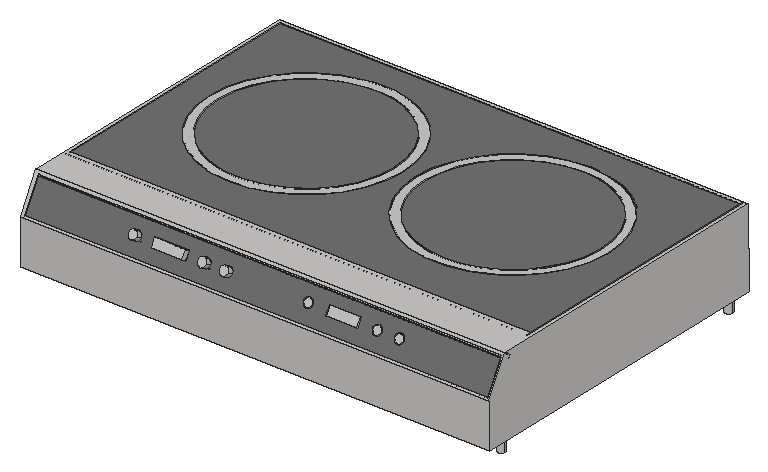
Revit family "QF_Vollrath 69523", category Specialty Equipment, Revit 2016
Family settings
  Part Type = Normal
  Round Connector Dimension = Use Diameter
  OmniClass Number = 23.40.40.14.17.14
  OmniClass Title = Hot Plates
  Work Plane-Based = No
  Always vertical = Yes
  Cut with Voids When Loaded = No
  Shared = No
  Room Calculation Point = No
Parameters (values of type "208V")
  Weight in Pounds = 44
  Watts = 5000 W
  Watermarked By = "http://revitwatermark.com"
  Volts = 208 V
  URL Cutsheet = ""
  URL = "www.vollrathco.com"
  Status [instance] = ""
  Specification by User [instance] = ""
  Specification by Manufacturer = ""
  Serial Number [instance] = ""
  Seismic Rating [instance] = ""
  Revision Code [instance] = ""
  Phase = 1
  Number of Poles [instance] = 1
  NAFEM Spec ID Number [instance] = ""
  Model = "69523"
  Masterspec = ""
  Manufacturer = "Vollrath"
  Item Number [instance] = ""
  Installed By [instance] = ""
  Height AFF [instance] = 36.00"
  Furnished By [instance] = ""
  Foodservice Equipment Identifier [instance] = yes
  FL Amps = 24.1 A
  Electrical Remarks [instance] = ""
  Electric Connection Type [instance] = ""
  Elec Conn RI Height [instance] = 0.00"
  Elec Conn Connection Height [instance] = Height AFF + 2.00"  # 38.00"
  Description = "Induction Range, Countertop"
  Cycle = 60 Hz
  Conn Plug = "NEMA 6-30P"
  CSI MasterFormat = "11 42 13"
  Assembly Code = "E1090320"
  Apparent Power = if(Phase = 3, Volts * FL Amps * 1.73, Volts * FL Amps)  # 5012.8 VA
Types (2): name | Weight in Pounds | Watts | Volts | Apparent Power
  208V | 44 | 5000 W | 208 V | 5012.8 VA
  240V | 42.8 | 5800 W | 240 V | 5784 VA
Reference planes (in)
  plane 1: z = 0
  plane 2 "LEFT": x = 48
  plane 3 "BACK": y = -48.065
  plane 4 "BOTTOM": z = 36
  plane 5 "FRONT": y = -66.44
  plane 6 "TOP": z = 41.5
  plane 7: z = 37
  plane 8: y = -44.065
  plane 9: y = -55.7525
  plane 10: x = 55.40773
  plane 11: z = 37.375
  plane 12: z = 13.68
  plane 13: x = 63.65035
  plane 14: x = 56.69695
  plane 15: z = 40.78691
  plane 16: x = 74.62
  plane 17: x = 74.37
  plane 18: y = -63.44
  plane 19: x = 73.87
Forms (in)
  Extrusion 1, solid, material "QF_Finishes_Stainless Steel"
    sketch origin (6.9534, -63.28353, 8.06191) x (1, 0, 0) y (0, 0.5, 0.866025)
      loop
        line (41.0466, 27.93) -> (41.0466, 25.68) -> (67.6666, 25.68) -> (67.6666, 27.93) -> (41.0466, 27.93)
      loop
        line (41.23693, 27.77623) -> (41.23693, 25.78901) -> (67.52615, 25.78901) -> (67.52615, 27.77623) -> (41.23693, 27.77623)
    from 18.14569 to 18.5
  Extrusion 2, solid, material "QF_Finishes_Stainless Steel"
    sketch origin (9.9534, -63.28353, 8.06191) x (1, 0, 0) y (0, 0.5, 0.866025)
      loop
        line (55.07331, 27.05441) -> (55.07331, 26.55441) -> (56.82331, 26.55441) -> (56.82331, 27.05441) -> (55.07331, 27.05441)
      loop
        circle (53.94695, 26.80981) r 0.25
      loop
        circle (57.87771, 26.79276) r 0.25
      loop
        circle (59.12771, 26.79276) r 0.25
    from 18.14569 to 18.5
  Extrusion 3, solid, material "QF_Finishes_Stainless Steel"
    sketch origin (6.9534, -63.28353, 8.06191) x (1, 0, 0) y (0, 0.5, 0.866025)
      loop
        circle (56.94695, 26.80981) r 0.25
      loop
        circle (60.87771, 26.79276) r 0.25
      loop
        line (58.07331, 27.05441) -> (58.07331, 26.55441) -> (59.82331, 26.55441) -> (59.82331, 27.05441) -> (58.07331, 27.05441)
      loop
        circle (62.12771, 26.79276) r 0.25
    from 18.14569 to 18.5
  Extrusion 4, solid, material "QF_Finishes_Dark Grey"
    sketch origin (6.9534, -63.78119, 8.27747) x (1, 0, 0) y (0, 0.5, 0.866025)
      loop
        line (41.23693, 25.85116) -> (67.52615, 25.85116) -> (67.52615, 27.73116) -> (41.23693, 27.73116) -> (41.23693, 25.85116)
      loop
        circle (62.11833, 26.8549) r 0.25
      loop
        circle (60.86833, 26.8549) r 0.25
      loop
        line (59.81393, 26.61655) -> (59.81393, 27.11655) -> (58.06393, 27.11655) -> (58.06393, 26.61655) -> (59.81393, 26.61655)
      loop
        circle (56.93757, 26.87196) r 0.25
    from 17.96123 to 17.60693
  Blend 5, solid, material "QF_Finishes_Stainless Steel"
    base sketch origin (0, 0, 0) x (1, 0, 0) y (0, 1, 0)
      loop
        circle (48.59304, -48.57669) r 0.20891
    top sketch origin (0, 0, 0) x (1, 0, 0) y (0, 1, 0)
      loop
        circle (48.59304, -48.57669) r 0.25
    from 36 to 37
  Blend 6, solid, material "QF_Finishes_Stainless Steel"
    base sketch origin (0, -16.25, 0) x (1, 0, 0) y (0, 1, 0)
      loop
        circle (48.59304, -48.45169) r 0.20891
    top sketch origin (0, -16.25, 0) x (1, 0, 0) y (0, 1, 0)
      loop
        circle (48.59304, -48.45169) r 0.25
    from 36 to 37
  Extrusion 7, solid, material "QF_Finishes_Stainless Steel"
    sketch origin (0, 0, 0) x (1, 0, 0) y (0, 1, 0)
      loop
        line (48, -48.065) -> (48, -63.44) -> (74.62, -63.44) -> (74.62, -48.065) -> (48, -48.065)
      loop
        line (48.19033, -48.2633) -> (48.19033, -63.2211) -> (74.37, -63.2211) -> (74.37, -48.2633) -> (48.19033, -48.2633)
    from 37.375 to 41.5
  Extrusion 8, solid, material "QF_Finishes_Dark Grey"
    sketch origin (0, 0, 0) x (1, 0, 0) y (0, 1, 0)
      loop
        line (48.19033, -48.1983) -> (48.19033, -63.44) -> (74.37, -63.44) -> (74.37, -48.1983) -> (48.19033, -48.1983)
      loop
        circle (55.34523, -55.35442) r 5.5
      loop
        circle (55.34523, -55.35442) r 5
      loop
        circle (67.09523, -55.35442) r 5.5
      loop
        circle (67.09523, -55.35442) r 5
    from 41.5 to 37.375
  Extrusion 9, solid, material "QF_Finishes_Stainless Steel"
    sketch origin (48, 0, -0.15599) x (0, 1, 0) y (0, 0, 1)
      loop
        line (-66.44, 37.15599) -> (-48.065, 37.15599) -> (-48.065, 37.53099) -> (-66.44, 37.53099) -> (-66.44, 37.15599)
    from 0 to 26.62
  Extrusion 10, solid, material "QF_Finishes_Stainless Steel"
    sketch origin (48, 0, 0) x (0, 1, 0) y (0, 0, 1)
      loop
        line (-65.315, 41.5) -> (-65.00816, 41.32285) -> (-66.13316, 39.37429) -> (-66.44, 39.55144) -> (-66.44, 37.375) -> (-63.44, 37.375) -> (-63.44, 41.5) -> (-65.315, 41.5)
    from 0 to 26.62
  Extrusion 11, solid, material "QF_Finishes_Stainless Steel", not visible
    sketch origin (0, -63.31853, -5.50809) x (1, 0, 0) y (0, 0.5, 0.866025)
      loop
        line (41.0466, 27.93) -> (41.0466, 25.68) -> (67.6666, 25.68) -> (67.6666, 27.93) -> (41.0466, 27.93)
      loop
        line (41.23693, 27.77623) -> (41.23693, 25.78901) -> (67.52615, 25.78901) -> (67.52615, 27.77623) -> (41.23693, 27.77623)
    from 18.14569 to 18.5
  Extrusion 12, solid, material "QF_Finishes_Stainless Steel", not visible
    sketch origin (3, -63.31853, -5.50809) x (1, 0, 0) y (0, 0.5, 0.866025)
      loop
        line (55.07331, 27.05441) -> (55.07331, 26.55441) -> (56.82331, 26.55441) -> (56.82331, 27.05441) -> (55.07331, 27.05441)
      loop
        circle (53.94695, 26.80981) r 0.25
      loop
        circle (57.87771, 26.79276) r 0.25
      loop
        circle (59.12771, 26.79276) r 0.25
    from 18.14569 to 18.5
  Extrusion 13, solid, material "QF_Finishes_Stainless Steel", not visible
    sketch origin (0, -63.31853, -5.50809) x (1, 0, 0) y (0, 0.5, 0.866025)
      loop
        circle (56.94695, 26.80981) r 0.25
      loop
        circle (60.87771, 26.79276) r 0.25
      loop
        line (58.07331, 27.05441) -> (58.07331, 26.55441) -> (59.82331, 26.55441) -> (59.82331, 27.05441) -> (58.07331, 27.05441)
      loop
        circle (62.12771, 26.79276) r 0.25
    from 18.14569 to 18.5
  Extrusion 14, solid, material "QF_Finishes_Dark Grey", not visible
    sketch origin (0, -63.81619, -5.29253) x (1, 0, 0) y (0, 0.5, 0.866025)
      loop
        line (41.23693, 25.85116) -> (67.52615, 25.85116) -> (67.52615, 27.73116) -> (41.23693, 27.73116) -> (41.23693, 25.85116)
      loop
        circle (62.11833, 26.8549) r 0.25
      loop
        circle (60.86833, 26.8549) r 0.25
      loop
        line (59.81393, 26.61655) -> (59.81393, 27.11655) -> (58.06393, 27.11655) -> (58.06393, 26.61655) -> (59.81393, 26.61655)
      loop
        circle (56.93757, 26.87196) r 0.25
    from 17.96123 to 17.60693
  Extrusion 15, solid, material "QF_Finishes_Stainless Steel"
    sketch origin (0, 0, 0) x (1, 0, 0) y (0, 1, 0)
      loop
        circle (55.34523, -55.35442) r 5.5
      loop
        circle (55.34523, -55.35442) r 5
      loop
        arc (72.55664, -55.39154) -> (67.05658, -49.89148) -> (61.55652, -55.39154) r 5.50006
        arc (61.55652, -55.39154) -> (67.05658, -60.83105) -> (72.55664, -55.39154) r 5.5004
      loop
        circle (67.09523, -55.35442) r 5
    from 40.78691 to 41.5
  Blend 16, solid, material "QF_Finishes_Stainless Steel"
    base sketch origin (14.75, 0, 0) x (1, 0, 0) y (0, 1, 0)
      loop
        circle (59.16304, -48.57669) r 0.20891
    top sketch origin (14.75, 0, 0) x (1, 0, 0) y (0, 1, 0)
      loop
        circle (59.16304, -48.57669) r 0.25
    from 36 to 37
  Blend 17, solid, material "QF_Finishes_Stainless Steel"
    base sketch origin (14.75, -16.25, 0) x (1, 0, 0) y (0, 1, 0)
      loop
        circle (59.16304, -48.45169) r 0.20891
    top sketch origin (14.75, -16.25, 0) x (1, 0, 0) y (0, 1, 0)
      loop
        circle (59.16304, -48.45169) r 0.25
    from 36 to 37
  Extrusion 18, solid, material "QF_Finishes_Stainless Steel"
    sketch origin (0.2034, -63.28353, 8.06191) x (1, 0, 0) y (0, 0.5, 0.866025)
      loop
        line (55.07331, 27.05441) -> (55.07331, 26.55441) -> (56.82331, 26.55441) -> (56.82331, 27.05441) -> (55.07331, 27.05441)
      loop
        circle (53.94695, 26.80981) r 0.25
      loop
        circle (57.87771, 26.79276) r 0.25
      loop
        circle (59.12771, 26.79276) r 0.25
    from 18.14569 to 18.5
  Extrusion 19, solid, material "QF_Finishes_Stainless Steel"
    sketch origin (-2.7966, -63.28353, 8.06191) x (1, 0, 0) y (0, 0.5, 0.866025)
      loop
        circle (56.94695, 26.80981) r 0.25
      loop
        circle (60.87771, 26.79276) r 0.25
      loop
        line (58.07331, 27.05441) -> (58.07331, 26.55441) -> (59.82331, 26.55441) -> (59.82331, 27.05441) -> (58.07331, 27.05441)
      loop
        circle (62.12771, 26.79276) r 0.25
    from 18.14569 to 18.76285
  Extrusion 20, solid, material "QF_Finishes_Stainless Steel", not visible
    sketch origin (-6.75, -63.31853, -5.50809) x (1, 0, 0) y (0, 0.5, 0.866025)
      loop
        line (55.07331, 27.05441) -> (55.07331, 26.55441) -> (56.82331, 26.55441) -> (56.82331, 27.05441) -> (55.07331, 27.05441)
      loop
        circle (53.94695, 26.80981) r 0.25
      loop
        circle (57.87771, 26.79276) r 0.25
      loop
        circle (59.12771, 26.79276) r 0.25
    from 18.14569 to 18.5
  Extrusion 21, solid, material "QF_Finishes_Stainless Steel", not visible
    sketch origin (-9.75, -63.31853, -5.50809) x (1, 0, 0) y (0, 0.5, 0.866025)
      loop
        circle (56.94695, 26.80981) r 0.25
      loop
        circle (60.87771, 26.79276) r 0.25
      loop
        line (58.07331, 27.05441) -> (58.07331, 26.55441) -> (59.82331, 26.55441) -> (59.82331, 27.05441) -> (58.07331, 27.05441)
      loop
        circle (62.12771, 26.79276) r 0.25
    from 18.14569 to 18.76285
  Extrusion 22, solid, material "QF_Finishes_Stainless Steel"
    sketch origin (-25, -48.065, 0) x (1, 0, 0) y (0, 0, 1)
      loop
        circle (73.87, 37.375) r 0.25
    from 0 to -0.2833
  Extrusion 23, solid, material "QF_Finishes_Clearances", detail levels coarse
    sketch origin (0, 0, 0) x (1, 0, 0) y (0, 1, 0)
      loop
        line (74.62, -48.065) -> (74.62, -44.065) -> (48, -44.065) -> (48, -48.065) -> (74.62, -48.065)
    from 36 to 41.5
Cuts and joins
  joined: Extrusion 1, Extrusion 7, Extrusion 9, Extrusion 10
Lines and regions (in)
  symbolic lines
    curve 1: line (74.62, -48.065, 0) -> (48, -48.065, 0)
    curve 2: line (48, -48.065, 0) -> (48, -66.44, 0)
    curve 3: line (74.62, -66.44, 0) -> (74.62, -48.065, 0)
    curve 4: line (74.62, -65.13865, 0) -> (48, -65.13865, 0)
    curve 5: arc (60.84523, -55.35442, 0) -> (55.34523, -49.85442, 0) -> (49.84523, -55.35442, 0) r 5.5
    curve 6: arc (50.34523, -55.35442, 0) -> (55.34523, -50.35442, 0) -> (60.34523, -55.35442, 0) r 5
    curve 7: arc (49.84523, -55.35442, 0) -> (55.34523, -60.85442, 0) -> (60.84523, -55.35442, 0) r 5.5
    curve 8: arc (60.34523, -55.35442, 0) -> (55.34523, -60.35442, 0) -> (50.34523, -55.35442, 0) r 5
    curve 9: line (48, -66.44, 0) -> (74.62, -66.44, 0)
    curve 10: arc (72.09523, -55.44506, 0) -> (67.09523, -50.44506, 0) -> (62.09523, -55.44506, 0) r 5
    curve 11: arc (72.51793, -55.36777, 0) -> (67.01793, -49.86777, 0) -> (61.51793, -55.36777, 0) r 5.5
    curve 12: arc (72.09523, -55.44506, 0) -> (67.09523, -60.44506, 0) -> (62.09523, -55.44506, 0) r 5
    curve 13: arc (61.51793, -55.36777, 0) -> (67.01793, -60.86777, 0) -> (72.51793, -55.36777, 0) r 5.5
    curve 14: line (74.37, -63.44, 0) -> (48.19033, -63.44, 0)
Dimensions and locks (in)
  "Height AFF": plane 4 "BOTTOM" to level
  plane 5 "FRONT" to plane 3 "BACK" = 18.375"
  locked: plane 3 "BACK" to plane 8 at 4
  locked: plane 7 to plane 4 "BOTTOM" at 1
  Blend 5 sketch curve to plane 3 "BACK" = 0.51168"
  locked: Blend 5 sketch curve to plane 3 "BACK" at 0.51168
  plane 2 "LEFT" to plane 10 = 7.40773"
  equal spacing: Extrusion 7, plane 9, plane 3 "BACK"
  plane 6 "TOP" to plane 7 = 4.50"
  locked: plane 11 to plane 7 at 0.375
  plane 3 "BACK" to Extrusion 7 = 15.375"
  locked: plane 6 "TOP" to Extrusion 4 at 0.98488
  locked: plane 6 "TOP" to plane 15 at 0.71309
  plane 2 "LEFT" to plane 16 = 26.62"
  plane 18 to plane 3 "BACK" = 15.375"
  aligned and locked: level to plane 1
  aligned and locked: Extrusion 3 sketch curve to Extrusion 2  (x2)
  aligned and locked: Extrusion 3 to Extrusion 4 sketch curve
  aligned and locked: Extrusion 4 sketch curve to Extrusion 3
  aligned and locked: plane 7 to Blend 6
  aligned and locked: Blend 6 to plane 4 "BOTTOM"
  aligned and locked: plane 7 to Blend 5
  aligned and locked: Blend 5 to plane 4 "BOTTOM"
  aligned and locked: plane 6 "TOP" to Extrusion 7
  aligned and locked: Extrusion 13 sketch curve to Extrusion 12  (x2)
  aligned and locked: Extrusion 13 to Extrusion 14 sketch curve
  aligned and locked: Extrusion 14 sketch curve to Extrusion 13
  aligned and locked: plane 7 to cut or joined group of Extrusion 1, Extrusion 7, Extrusion 9, Extrusion 10
  aligned and locked: cut or joined group of Extrusion 1, Extrusion 7, Extrusion 9, Extrusion 10 to plane 11
  aligned and locked: Extrusion 1 to Extrusion 7
  aligned and locked: Extrusion 10 to Extrusion 1
  aligned and locked: Extrusion 9 to Extrusion 1
  aligned and locked: Extrusion 9 to Extrusion 7  (x2)
  aligned and locked: Extrusion 15 sketch curve to Extrusion 8  (x4)
  aligned and locked: curve 5 to Extrusion 15
  aligned and locked: curve 6 to Extrusion 15
  aligned and locked: curve 7 to Extrusion 15
  aligned and locked: curve 8 to Extrusion 15
  aligned and locked: cut or joined group of Extrusion 1, Extrusion 7, Extrusion 9, Extrusion 10 to Extrusion 8
  aligned and locked: plane 6 "TOP" to Extrusion 15
  aligned and locked: Extrusion 15 to plane 15
  aligned and locked: Extrusion 8 to cut or joined group of Extrusion 1, Extrusion 7, Extrusion 9, Extrusion 10  (x2)
  aligned and locked: Extrusion 4 to cut or joined group of Extrusion 1, Extrusion 7, Extrusion 9, Extrusion 10
  aligned and locked: Extrusion 7 to plane 16
  aligned and locked: Extrusion 7 to Extrusion 8
  aligned and locked: plane 7 to Blend 17
  aligned and locked: Blend 17 to plane 4 "BOTTOM"
  aligned and locked: plane 7 to Blend 16
  aligned and locked: Blend 16 to plane 4 "BOTTOM"
  aligned and locked: Extrusion 19 sketch curve to Extrusion 18  (x2)
  aligned and locked: Extrusion 21 sketch curve to Extrusion 20  (x2)
  aligned and locked: Extrusion 23 sketch curve to cut or joined group of Extrusion 1, Extrusion 7, Extrusion 9, Extrusion 10  (x2)
  aligned and locked: plane 2 "LEFT" to Extrusion 23 sketch curve
  aligned and locked: plane 6 "TOP" to Extrusion 23
  aligned: plane 12 to Extrusion 23
  aligned and locked: Extrusion 23 to plane 4 "BOTTOM"
Automatic sketch dimensions
  Extrusion 2 sketch curve to Extrusion 2 sketch curve = 1.12636"
  Extrusion 2 sketch curve to Extrusion 2 sketch curve = 1.75"
  Extrusion 2 sketch curve to Extrusion 2 sketch curve = 1.0544"
  Extrusion 2 sketch curve to Extrusion 2 sketch curve = 1.25"
  Extrusion 2 sketch curve to Extrusion 2 sketch curve = 0.23835"
  Extrusion 2 sketch curve to Extrusion 2 sketch curve = 0.00"
  Extrusion 2 sketch curve to Extrusion 2 sketch curve = 0.25541"
  Extrusion 2 sketch curve to Extrusion 2 sketch curve = 0.50"
  Extrusion 4 sketch curve to Extrusion 4 sketch curve = 15.45064"
  Extrusion 4 sketch curve to Extrusion 4 sketch curve = 5.15782"
  Extrusion 12 sketch curve to Extrusion 12 sketch curve = 1.12636"
  Extrusion 12 sketch curve to Extrusion 12 sketch curve = 1.75"
  Extrusion 12 sketch curve to Extrusion 12 sketch curve = 1.0544"
  Extrusion 12 sketch curve to Extrusion 12 sketch curve = 1.25"
  Extrusion 12 sketch curve to Extrusion 12 sketch curve = 0.23835"
  Extrusion 12 sketch curve to Extrusion 12 sketch curve = 0.00"
  Extrusion 12 sketch curve to Extrusion 12 sketch curve = 0.25541"
  Extrusion 12 sketch curve to Extrusion 12 sketch curve = 0.50"
  Extrusion 14 sketch curve to Extrusion 14 sketch curve = 15.45064"
  Extrusion 14 sketch curve to Extrusion 14 sketch curve = 5.15782"
  Extrusion 4 sketch curve to Extrusion 4 sketch curve = 0.8044"
  Extrusion 4 sketch curve to Extrusion 4 sketch curve = 0.87636"
  Extrusion 4 sketch curve to Extrusion 4 sketch curve = 0.25"  (x3)
  Extrusion 4 sketch curve to Extrusion 4 sketch curve = 0.75"
  Extrusion 4 sketch curve to Extrusion 4 sketch curve = 0.23835"
  Extrusion 4 sketch curve to Extrusion 4 sketch curve = 0.00"  (x4)
  Extrusion 4 sketch curve to Extrusion 4 sketch curve = 0.24459"
  Extrusion 3 sketch curve to Extrusion 3 sketch curve = 0.8044"
  Extrusion 3 sketch curve to Extrusion 3 sketch curve = 0.87636"
  Extrusion 3 sketch curve to Extrusion 3 sketch curve = 0.25"  (x3)
  Extrusion 3 sketch curve to Extrusion 3 sketch curve = 0.75"
  Extrusion 3 sketch curve to Extrusion 3 sketch curve = 0.23835"
  Extrusion 3 sketch curve to Extrusion 3 sketch curve = 0.00"  (x4)
  Extrusion 3 sketch curve to Extrusion 3 sketch curve = 0.24459"
  Extrusion 14 sketch curve to Extrusion 14 sketch curve = 0.8044"
  Extrusion 14 sketch curve to Extrusion 14 sketch curve = 0.87636"
  Extrusion 14 sketch curve to Extrusion 14 sketch curve = 0.25"  (x3)
  Extrusion 14 sketch curve to Extrusion 14 sketch curve = 0.75"
  Extrusion 14 sketch curve to Extrusion 14 sketch curve = 0.23835"
  Extrusion 14 sketch curve to Extrusion 14 sketch curve = 0.00"  (x4)
  Extrusion 14 sketch curve to Extrusion 14 sketch curve = 0.24459"
  Extrusion 13 sketch curve to Extrusion 13 sketch curve = 0.8044"
  Extrusion 13 sketch curve to Extrusion 13 sketch curve = 0.87636"
  Extrusion 13 sketch curve to Extrusion 13 sketch curve = 0.25"  (x3)
  Extrusion 13 sketch curve to Extrusion 13 sketch curve = 0.75"
  Extrusion 13 sketch curve to Extrusion 13 sketch curve = 0.23835"
  Extrusion 13 sketch curve to Extrusion 13 sketch curve = 0.00"  (x4)
  Extrusion 13 sketch curve to Extrusion 13 sketch curve = 0.24459"
  Extrusion 4 sketch curve to Extrusion 4 sketch curve = 1.0208"
  Extrusion 4 sketch curve to Extrusion 4 sketch curve = 1.88"
  Extrusion 14 sketch curve to Extrusion 14 sketch curve = 1.0208"
  Extrusion 14 sketch curve to Extrusion 14 sketch curve = 1.88"
  Extrusion 3 sketch curve to Extrusion 3 sketch curve = 1.75"
  Extrusion 4 sketch curve to Extrusion 4 sketch curve = 1.75"
  plane 13 to Extrusion 4 sketch curve = 15.46002"
  Extrusion 13 sketch curve to Extrusion 13 sketch curve = 1.75"
  Extrusion 14 sketch curve to Extrusion 14 sketch curve = 1.75"
  plane 14 to Extrusion 14 sketch curve = 15.46002"
  plane 2 "LEFT" to Blend 5 sketch curve = 0.59304"  (x2)
  plane 2 "LEFT" to Blend 6 sketch curve = 0.59304"  (x2)
  plane 5 "FRONT" to Blend 6 sketch curve = 1.73832"  (x2)
  Extrusion 1 sketch curve to Extrusion 1 sketch curve = 0.19033"
  Extrusion 1 sketch curve to Extrusion 1 sketch curve = 26.28922"
  Extrusion 1 sketch curve to Extrusion 1 sketch curve = 0.14045"
  Extrusion 1 sketch curve to Extrusion 1 sketch curve = 0.10901"
  Extrusion 1 sketch curve to Extrusion 1 sketch curve = 1.98721"
  Extrusion 1 sketch curve to Extrusion 1 sketch curve = 0.15377"
  Extrusion 7 sketch curve to plane 2 "LEFT" = 0.00"
  Extrusion 7 sketch curve to plane 17 = 0.00"
  plane 3 "BACK" to Extrusion 7 sketch curve = 0.00"
  Extrusion 7 sketch curve to plane 16 = 0.00"
  plane 2 "LEFT" to Extrusion 7 sketch curve = 0.19033"
  plane 3 "BACK" to Extrusion 7 sketch curve = 0.1983"
  plane 5 "FRONT" to Extrusion 7 sketch curve = 3.2189"
  Extrusion 7 sketch curve to Extrusion 7 sketch curve = 0.2189"
  Extrusion 8 sketch curve to Extrusion 8 sketch curve = 0.00"  (x4)
  Extrusion 8 sketch curve to plane 17 = 0.00"
  plane 9 to Extrusion 8 sketch curve = 0.39808"  (x2)
  plane 17 to Extrusion 8 sketch curve = 7.27477"
  Extrusion 8 sketch curve to plane 10 = 0.0625"
  plane 2 "LEFT" to Extrusion 8 sketch curve = 0.19033"
  plane 5 "FRONT" to Extrusion 8 sketch curve = 3.00"
  plane 3 "BACK" to Extrusion 8 sketch curve = 0.1333"
  Extrusion 9 sketch curve to plane 5 "FRONT" = 0.00"
  Extrusion 9 sketch curve to plane 3 "BACK" = 0.00"
  Extrusion 9 sketch curve to plane 7 = 0.00"
  Extrusion 9 sketch curve to plane 11 = 0.00"
  Extrusion 10 sketch curve to plane 5 "FRONT" = 0.00"
  Extrusion 10 sketch curve to plane 6 "TOP" = 0.00"
  Extrusion 10 sketch curve to plane 11 = 0.00"
  plane 5 "FRONT" to Extrusion 10 sketch curve = 0.30684"
  plane 5 "FRONT" to Extrusion 10 sketch curve = 1.125"
  Extrusion 10 sketch curve to plane 6 "TOP" = 0.17715"
  Extrusion 10 sketch curve to Extrusion 10 sketch curve = 0.30684"
  Extrusion 10 sketch curve to Extrusion 10 sketch curve = 1.56816"
  plane 17 to Blend 16 sketch curve = 0.45696"  (x2)
  plane 3 "BACK" to Blend 16 sketch curve = 0.51168"  (x2)
  plane 17 to Blend 17 sketch curve = 0.45696"  (x2)
  plane 5 "FRONT" to Blend 17 sketch curve = 1.73832"  (x2)
  Extrusion 18 sketch curve to Extrusion 18 sketch curve = 1.12636"
  Extrusion 18 sketch curve to Extrusion 18 sketch curve = 1.75"
  Extrusion 18 sketch curve to Extrusion 18 sketch curve = 1.0544"
  Extrusion 18 sketch curve to Extrusion 18 sketch curve = 1.25"
  Extrusion 18 sketch curve to Extrusion 18 sketch curve = 0.23835"
  Extrusion 18 sketch curve to Extrusion 18 sketch curve = 0.00"
  Extrusion 18 sketch curve to Extrusion 18 sketch curve = 0.25541"
  Extrusion 18 sketch curve to Extrusion 18 sketch curve = 0.50"
  Extrusion 19 sketch curve to Extrusion 19 sketch curve = 0.00"  (x7)
  Extrusion 19 sketch curve to Extrusion 19 sketch curve = 0.25"  (x3)
  Extrusion 19 sketch curve to Extrusion 19 sketch curve = 0.87636"
  Extrusion 19 sketch curve to Extrusion 19 sketch curve = 1.75"
  Extrusion 19 sketch curve to Extrusion 19 sketch curve = 0.8044"
  Extrusion 19 sketch curve to Extrusion 19 sketch curve = 0.75"
  Extrusion 19 sketch curve to Extrusion 19 sketch curve = 0.23835"
  Extrusion 19 sketch curve to Extrusion 19 sketch curve = 0.24459"
  Extrusion 11 sketch curve to Extrusion 11 sketch curve = 0.19033"
  Extrusion 11 sketch curve to Extrusion 11 sketch curve = 26.28922"
  Extrusion 11 sketch curve to Extrusion 11 sketch curve = 0.14045"
  Extrusion 11 sketch curve to Extrusion 11 sketch curve = 0.10901"
  Extrusion 11 sketch curve to Extrusion 11 sketch curve = 1.98721"
  Extrusion 11 sketch curve to Extrusion 11 sketch curve = 0.15377"
  curve 9 to plane 2 "LEFT" = 0.00"
  plane 18 to curve 14 = 0.00"
  curve 14 to plane 17 = 0.00"
  plane 3 "BACK" to curve 1 = 0.00"
  curve 1 to plane 16 = 0.00"
  curve 3 to plane 5 "FRONT" = 0.00"
  plane 2 "LEFT" to curve 14 = 0.19033"
  curve 5 to curve 11 = 0.67271"
  curve 13 to curve 10 = 0.57729"
  curve 10 to curve 11 = 4.92271"
  curve 11 to curve 12 = 0.07729"
  curve 2 to curve 4 = 1.30135"
  curve 12 to curve 5 = 0.09064"
  curve 10 to curve 13 = 0.07729"
  Extrusion 15 sketch curve to Extrusion 15 sketch curve = 0.71129"
  Extrusion 15 sketch curve to Extrusion 15 sketch curve = 0.53871"
  Extrusion 15 sketch curve to Extrusion 15 sketch curve = 4.96135"
  Extrusion 15 sketch curve to Extrusion 15 sketch curve = 0.03865"  (x2)
  plane 3 "BACK" to Extrusion 15 sketch curve = 7.32654"
  Extrusion 15 sketch curve to Extrusion 15 sketch curve = 0.03712"
  Extrusion 22 sketch curve to plane 11 = 0.00"
  plane 19 to Extrusion 22 sketch curve = 25.00"
  plane 8 to Extrusion 23 sketch curve = 0.00"
  radius of Extrusion 2 sketch curve = 0.25"  (x3)
  radius of Extrusion 12 sketch curve = 0.25"  (x3)
  radius of Blend 5 sketch curve = 0.20891"
  radius of Blend 5 sketch curve = 0.25"
  radius of Blend 6 sketch curve = 0.20891"
  radius of Blend 6 sketch curve = 0.25"
  radius of Extrusion 8 sketch curve = 5.50"  (x2)
  radius of Extrusion 8 sketch curve = 5.00"  (x2)
  radius of Blend 16 sketch curve = 0.20891"
  radius of Blend 16 sketch curve = 0.25"
  radius of Blend 17 sketch curve = 0.20891"
  radius of Blend 17 sketch curve = 0.25"
  radius of Extrusion 18 sketch curve = 0.25"  (x3)
  radius of Extrusion 22 sketch curve = 0.25"
Connectors (in)
  electrical at (48.87, -47.7817, 37.375), driven by "Number of Poles", driven by "Volts", driven by "Apparent Power"
    settings: on Extrusion 22, index 1, voltage 208 V, apparent load 5012.8 VA, apparent load phase1 0 VA, apparent load phase2 0 VA, apparent load phase3 0 VA, power factor 1, load classification "Other", number of poles 1, system type 30, power factor state 1, is connector primary yes, connector utility no, sub classification motor no, connector description "Electric Connection"
